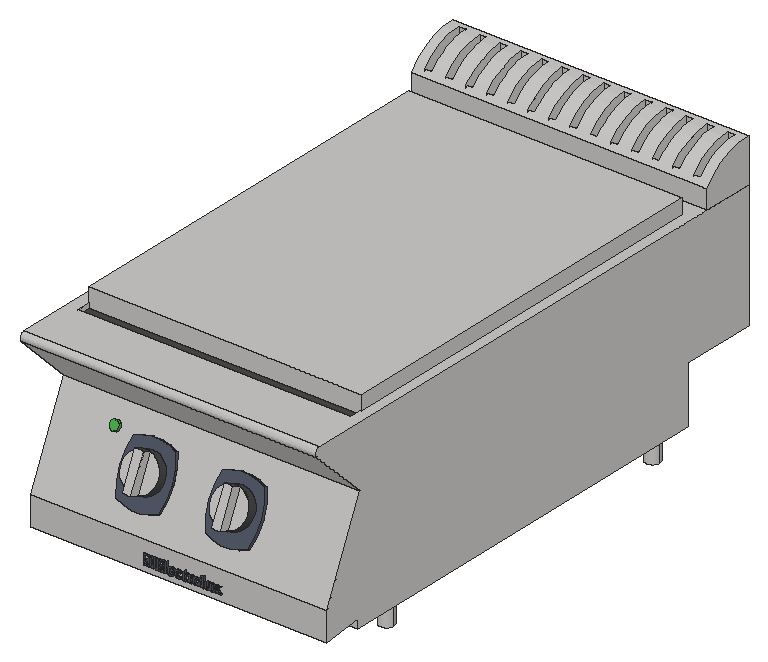
Revit family "QF_ELECTROLUXPROFESSIONAL_371027_E7HOED2000", category Specialty Equipment, Revit 2018
Family settings
  Round Connector Dimension = Use Diameter
  Part Type = Normal
  Work Plane-Based = No
  Always vertical = Yes
  Cut with Voids When Loaded = No
  Shared = No
  Room Calculation Point = No
Parameters
  Width = 400 mm  # constant formula
  Weight in Pounds = 104  # constant formula
  Watts = 5000 VA  # 5000 W
  Volts = 400 V  # constant formula
  URL Cutsheet = "www.electrolux.com/foodservice"
  URL = "www.electrolux.com/foodservice"
  Type Mark [instance] = ""
  Status [instance] = ""
  Specification by User [instance] = ""
  Specification by Manufacturer = ""
  Show Logo [instance] = yes
  Show Clearance [instance] = yes
  Serial Number = ""
  Seismic Rating = ""
  SMACNA No = ""
  Revision Code [instance] = ""
  Phase = 3  # constant formula
  Omniclass Number and Title = ""
  Number of Poles [instance] = 1
  NAFEM Spec ID Number = ""
  Model = "371027"
  Min Ckt Ampacity = 0 A
  Max Overcurrent Protection = 0 A
  Masterspec = ""
  Manufacturer = "ELECTROLUX"
  Item Number [instance] = ""
  Installed By [instance] = ""
  Identify Quantity as Lot [instance] = yes
  Height = 332 mm  # constant formula
  HP = "6.7 HP"
  Furnished By [instance] = ""
  Foodservice Equipment Identifier [instance] = yes
  FL Amps = 0 A
  Electrical Remarks [instance] = "400 V/3N ph/50/60 Hz"  # constant formula
  Electric Connection Type [instance] = ""
  Elec Conn RI Height [instance] = 0 mm
  Elec Conn Connection Height [instance] = 0 mm
  Direct Waste Size = 0"
  Description = "700XP Electrical Hob Cooking Top 400mm -  400V/3N/50-60Hz"
  Depth = 730 mm  # constant formula
  Cycle = if([60 Hertz Option], 60 Hz, 50 Hz)  # 60 Hz
  Conn Plug = ""
  Conn Conduit = yes
  CSI MasterFormat = ""
  CSI Master Format = ""
  Base Height [instance] = 24 mm  # constant formula
  Apparent Power = if(Phase = 3, Volts * FL Amps * 1.73, Volts * FL Amps)  # 0 VA
  60 Hertz Option = not([50 Hertz Option])  # yes
  50 Hertz Option = no
Reference planes
  plane 1 "BACK": y = 0
  plane 2: z = 0
  plane 3 "LEFT": x = 0
  plane 4 "RIGHT": x = 400
  plane 5 "FRONT": y = -730
  plane 6 "TOP": z = 332
  plane 7 "Center Y": x = 200
  plane 8 "Center X": y = -365
  plane 9 "BASE": z = 24
  plane 10 "TOP A": z = 273.238
  plane 11: y = -597.884
  plane 12: y = -147.637
Forms (mm)
  Extrusion 1, solid, material "QF_Finishes_Stainless Steel"
    sketch origin (0, 0, 0) x (0, 1, 0) y (0, 0, 1)
      loop
        line (0, 273.237) -> (-725.027, 273.237)
        arc (-725.027, 273.237) -> (-730.893, 269.318) -> (-729.517, 262.397) r 6.35
        line (-729.517, 262.397) -> (-657.416, 190.047) -> (-713.522, 69.19) -> (-713.522, 31.09) -> (-660.4, 36.7) -> (-660.4, 24) -> (-101.6, 24) -> (-101.6, 101.788) -> (0, 101.788) -> (0, 273.237)
    from 0 to 400
  Extrusion 2, solid, material "QF_Finishes_Stainless Steel"
    sketch origin (0, 0, 0) x (0, 1, 0) y (0, 0, 1)
      loop
        line (0, 273.237) -> (0, 332)
        arc (0, 332) -> (-38.885, 323.609) -> (-69.85, 298.638) r 86.116
        line (-69.85, 298.638) -> (-69.85, 273.237) -> (0, 273.237)
    from 0 to 400
  Extrusion 3, void
    sketch origin (0, 0, 273.238) x (-1, 0, 0) y (0, -1, 0)
      loop
        line (-15, 93.262) -> (-15, 653.262) -> (-385.019, 653.262) -> (-385.019, 93.262) -> (-15, 93.262)
    from 0 to -6.35
  Extrusion 4, void
    sketch origin (0, 0, 273.238) x (-1, 0, 0) y (0, -1, 0)
      loop
        line (-13.453, 6.761) -> (-13.453, 63.911) -> (-22.749, 63.911) -> (-22.749, 6.761) -> (-13.453, 6.761)
    from 25.4 to 63.5
  Extrusion 5, void
    sketch origin (400.05, 0, 273.237) x (1, 0, 0) y (0, 1, 0)
      loop
        line (-13.503, -6.761) -> (-22.799, -6.761) -> (-22.799, -63.911) -> (-13.503, -63.911) -> (-13.503, -6.761)
    from 25.4 to 63.5
  Extrusion 6, void
    sketch origin (27.988, 0, 273.238) x (-1, 0, 0) y (0, -1, 0)
      loop
        line (-13.453, 6.761) -> (-13.453, 63.911) -> (-22.749, 63.911) -> (-22.749, 6.761) -> (-13.453, 6.761)
    from 25.4 to 63.5
  Extrusion 7, void
    sketch origin (55.977, 0, 273.238) x (-1, 0, 0) y (0, -1, 0)
      loop
        line (-13.453, 6.761) -> (-13.453, 63.911) -> (-22.749, 63.911) -> (-22.749, 6.761) -> (-13.453, 6.761)
    from 25.4 to 63.5
  Extrusion 8, void
    sketch origin (83.965, 0, 273.238) x (-1, 0, 0) y (0, -1, 0)
      loop
        line (-13.428, 6.761) -> (-13.428, 63.911) -> (-22.724, 63.911) -> (-22.724, 6.761) -> (-13.428, 6.761)
    from 25.4 to 63.5
  Extrusion 9, void
    sketch origin (111.953, 0, 273.238) x (-1, 0, 0) y (0, -1, 0)
      loop
        line (-13.428, 6.761) -> (-13.428, 63.911) -> (-22.724, 63.911) -> (-22.724, 6.761) -> (-13.428, 6.761)
    from 25.4 to 63.5
  Extrusion 10, void
    sketch origin (139.942, 0, 273.237) x (-1, 0, 0) y (0, -1, 0)
      loop
        line (-13.428, 6.761) -> (-13.428, 63.911) -> (-22.724, 63.911) -> (-22.724, 6.761) -> (-13.428, 6.761)
    from 25.4 to 63.5
  Extrusion 11, void
    sketch origin (167.93, 0, 273.237) x (-1, 0, 0) y (0, -1, 0)
      loop
        line (-13.428, 6.761) -> (-13.428, 63.911) -> (-22.724, 63.911) -> (-22.724, 6.761) -> (-13.428, 6.761)
    from 25.4 to 63.5
  Extrusion 12, void
    sketch origin (195.918, 0, 273.237) x (-1, 0, 0) y (0, -1, 0)
      loop
        line (-13.428, 6.761) -> (-13.428, 63.911) -> (-22.724, 63.911) -> (-22.724, 6.761) -> (-13.428, 6.761)
    from 25.4 to 63.5
  Extrusion 13, void
    sketch origin (223.907, 0, 273.237) x (-1, 0, 0) y (0, -1, 0)
      loop
        line (-13.428, 6.761) -> (-13.428, 63.911) -> (-22.724, 63.911) -> (-22.724, 6.761) -> (-13.428, 6.761)
    from 25.4 to 63.5
  Extrusion 14, void
    sketch origin (251.895, 0, 273.237) x (-1, 0, 0) y (0, -1, 0)
      loop
        line (-13.428, 6.761) -> (-13.428, 63.911) -> (-22.724, 63.911) -> (-22.724, 6.761) -> (-13.428, 6.761)
    from 25.4 to 63.5
  Extrusion 15, void
    sketch origin (279.884, 0, 273.237) x (-1, 0, 0) y (0, -1, 0)
      loop
        line (-13.403, 6.761) -> (-13.403, 63.911) -> (-22.699, 63.911) -> (-22.699, 6.761) -> (-13.403, 6.761)
    from 25.4 to 63.5
  Extrusion 16, void
    sketch origin (307.872, 0, 273.237) x (-1, 0, 0) y (0, -1, 0)
      loop
        line (-13.403, 6.761) -> (-13.403, 63.911) -> (-22.699, 63.911) -> (-22.699, 6.761) -> (-13.403, 6.761)
    from 25.4 to 63.5
  Extrusion 17, void
    sketch origin (335.86, 0, 273.237) x (-1, 0, 0) y (0, -1, 0)
      loop
        line (-13.403, 6.761) -> (-13.403, 63.911) -> (-22.699, 63.911) -> (-22.699, 6.761) -> (-13.403, 6.761)
    from 25.4 to 63.5
  Extrusion 18, solid, material "QF_Finishes_Stainless Steel"
    sketch origin (0, 0, 0) x (1, 0, 0) y (0, 1, 0)
      loop
        circle (11.112, -147.638) r 9.525
      loop
        circle (11.112, -597.884) r 9.525
      loop
        circle (388.887, -147.638) r 9.525
      loop
        circle (388.887, -597.884) r 9.525
    from 0 to 24
  Extrusion 19, solid, material "QF_Finishes_Navy Blue"
    sketch origin (-25.325, -713.522, 69.19) x (0, 0.421077, 0.907025) y (-1, 0, 0)
      loop
        arc (101.077, -132.565) -> (66.2, -125.548) -> (31.333, -132.61) r 89.894
        arc (31.333, -132.61) -> (24.638, -161.14) -> (31.333, -189.671) r 64.14
        arc (31.333, -189.671) -> (66.2, -196.736) -> (101.077, -189.715) r 89.853
        arc (101.077, -189.715) -> (107.792, -161.14) -> (101.077, -132.565) r 64.16
    from 0 to 3.175
  Extrusion 20, solid, material "QF_Finishes_Stainless Steel"
    sketch origin (-25.325, -716.402, 70.527) x (0, 0.421077, 0.907025) y (-1, 0, 0)
      loop
        circle (68.826, -160.963) r 25.4
    from 0 to 12.7
  Extrusion 21, solid, material "QF_Finishes_Stainless Steel"
    sketch origin (-25.325, -727.921, 75.875) x (0, 0.421077, 0.907025) y (-1, 0, 0)
      loop
        arc (93.558, -166.749) -> (94.226, -160.963) -> (93.558, -155.177) r 25.4
        line (93.558, -155.177) -> (44.094, -155.177)
        arc (44.094, -155.177) -> (43.426, -160.963) -> (44.094, -166.749) r 25.4
        line (44.094, -166.749) -> (93.558, -166.749)
    from 0 to 12.7
  Extrusion 22, solid, material "QF_Finishes_Green"
    sketch origin (-80, -709.311, 78.261) x (0, 0.421077, 0.907025) y (-1, 0, 0)
      loop
        circle (93.566, -160.648) r 6.35
    from 0 to 3.175
  Extrusion 23, solid, material "QF_Finishes_Stainless Steel"
    sketch origin (0, -101.6, 101.788) x (0, 0, -1) y (-1, 0, 0)
      loop
        circle (43.882, -336.5) r 12.7
    from 0 to 12.7
  Extrusion 24, solid, material "QF_Finishes_Clearance", visible <- "Show Clearance", detail levels coarse
    sketch origin (0, 0, 0) x (1, 0, 0) y (0, 1, 0)
      loop
        line (0, -731.377) -> (0, 0) -> (400, 0) -> (400, -731.377) -> (550.019, -731.377) -> (550.019, 150.019) -> (-150.019, 150.019) -> (-150.019, -731.377) -> (0, -731.377)
    from 0 to 332
  Extrusion 25, solid, material "QF_Finishes_Navy Blue", visible <- "Show Logo"
    sketch origin (-134.192, -713.772, 32.49) x (0, 0, 1) y (-1, 0, 0)
      loop
        line (20.674, -296.698) -> (8.307, -296.698)
        arc (8.307, -296.698) -> (14.491, -301.27) -> (20.674, -296.698) r 6.467
      loop
        arc (20.674, -296.069) -> (19.505, -290.926) -> (14.849, -288.448) r 6.338
        line (14.849, -288.448) -> (14.849, -290.494)
        arc (14.849, -290.494) -> (16.333, -294.149) -> (19.778, -296.069) r 5.941
        line (19.778, -296.069) -> (20.674, -296.069)
      loop
        arc (9.203, -296.069) -> (12.648, -294.149) -> (14.132, -290.494) r 5.941
        line (14.132, -290.494) -> (14.132, -288.448)
        arc (14.132, -288.448) -> (9.438, -290.922) -> (8.148, -296.069) r 6.504
        line (8.148, -296.069) -> (9.203, -296.069)
      loop
        line (21.349, -287.979) -> (7.604, -287.979) -> (7.604, -301.742) -> (21.349, -301.742) -> (21.349, -287.979)
      loop
        arc (21.432, -304.71) -> (21.085, -304.352) -> (20.718, -304.69) r 0.358
        arc (20.718, -304.69) -> (20.404, -305.44) -> (19.687, -305.825) r 1.216
        line (19.687, -305.825) -> (9.274, -305.825)
        arc (9.274, -305.825) -> (8.614, -305.548) -> (8.218, -304.951) r 1.238
        arc (8.218, -304.951) -> (7.823, -304.7) -> (7.518, -305.054) r 0.358
        line (7.518, -305.054) -> (7.518, -314.933) -> (10.269, -314.933) -> (10.269, -314.036)
        arc (10.269, -314.036) -> (9.36, -313.456) -> (8.904, -312.479) r 1.928
        line (8.904, -312.479) -> (8.904, -309.98)
        arc (8.904, -309.98) -> (9.18, -309.251) -> (9.868, -308.887) r 1.101
        line (9.868, -308.887) -> (13.955, -308.887) -> (13.955, -312.561)
        arc (13.955, -312.561) -> (13.602, -313.058) -> (13.037, -313.286) r 1.083
        arc (13.037, -313.286) -> (12.773, -313.591) -> (13.065, -313.869) r 0.292
        line (13.065, -313.869) -> (16.028, -313.869)
        arc (16.028, -313.869) -> (16.33, -313.596) -> (16.092, -313.266) r 0.305
        arc (16.092, -313.266) -> (15.601, -313.018) -> (15.296, -312.561) r 1.083
        line (15.296, -312.561) -> (15.296, -308.887) -> (19.973, -308.887) -> (19.973, -312.635)
        arc (19.973, -312.635) -> (19.759, -313.39) -> (19.153, -313.888) r 1.314
        arc (19.153, -313.888) -> (18.934, -314.292) -> (19.288, -314.585) r 0.361
        line (19.288, -314.585) -> (21.432, -314.585) -> (21.432, -304.71)
      loop
        arc (20.715, -315.365) -> (20.335, -316.284) -> (19.416, -316.664) r 1.299
        line (19.416, -316.664) -> (9.837, -316.664)
        arc (9.837, -316.664) -> (8.999, -316.286) -> (8.728, -315.408) r 1.118
        line (8.728, -315.408) -> (7.518, -315.408) -> (7.518, -320.758) -> (8.706, -320.758)
        arc (8.706, -320.758) -> (8.978, -319.841) -> (9.848, -319.445) r 1.153
        line (9.848, -319.445) -> (21.92, -319.445) -> (20.715, -315.365)
      loop
        line (12.483, -323.394) -> (12.483, -329.842) -> (13.282, -329.842)
        arc (13.282, -329.842) -> (15.862, -328.857) -> (17.131, -326.404) r 3.874
        line (17.131, -326.404) -> (17.131, -324.643)
        arc (17.131, -324.643) -> (15.944, -321.778) -> (13.08, -320.592) r 4.051
        line (13.08, -320.592) -> (11.072, -320.592)
        arc (11.072, -320.592) -> (8.253, -322.077) -> (7.202, -325.084) r 4.352
        arc (7.202, -325.084) -> (7.566, -327.547) -> (8.943, -329.621) r 5.713
        line (8.943, -329.621) -> (9.892, -329.621)
        arc (9.892, -329.621) -> (9.16, -328.052) -> (8.943, -326.334) r 5.579
        arc (8.943, -326.334) -> (9.737, -324.371) -> (11.616, -323.394) r 3.057
        line (11.616, -323.394) -> (12.483, -323.394)
      loop
        line (13.742, -323.394) -> (13.742, -326.977)
        arc (13.742, -326.977) -> (15.199, -327.024) -> (16.082, -325.864) r 1.59
        line (16.082, -325.864) -> (16.082, -325.034)
        arc (16.082, -325.034) -> (15.217, -323.779) -> (13.742, -323.394) r 2.184
      loop
        arc (16.533, -339.259) -> (17.022, -337.585) -> (17.179, -335.848) r 9.023
        line (17.179, -335.848) -> (17.179, -334.486)
        arc (17.179, -334.486) -> (16.02, -331.686) -> (13.22, -330.527) r 3.959
        line (13.22, -330.527) -> (10.62, -330.527)
        arc (10.62, -330.527) -> (8.338, -331.819) -> (7.221, -334.192) r 4.331
        line (7.221, -334.192) -> (7.221, -336.327)
        arc (7.221, -336.327) -> (7.729, -337.877) -> (8.651, -339.223) r 5.772
        arc (8.651, -339.223) -> (9.412, -339.274) -> (9.499, -338.515) r 0.553
        arc (9.499, -338.515) -> (9.111, -337.781) -> (8.977, -336.962) r 2.573
        line (8.977, -336.962) -> (8.977, -335.447)
        arc (8.977, -335.447) -> (9.983, -333.806) -> (11.798, -333.163) r 2.884
        line (11.798, -333.163) -> (13.077, -333.163)
        arc (13.077, -333.163) -> (14.898, -333.723) -> (15.824, -335.388) r 2.554
        line (15.824, -335.388) -> (15.824, -336.441)
        arc (15.824, -336.441) -> (15.493, -337.369) -> (14.836, -338.104) r 2.564
        arc (14.836, -338.104) -> (14.614, -338.821) -> (15.223, -339.259) r 0.643
        line (15.223, -339.259) -> (16.533, -339.259)
      loop
        line (15.515, -339.53) -> (15.515, -341.031) -> (9.467, -341.031)
        arc (9.467, -341.031) -> (7.879, -341.688) -> (7.221, -343.276) r 2.246
        line (7.221, -343.276) -> (7.221, -344.86)
        arc (7.221, -344.86) -> (7.535, -345.725) -> (8.035, -346.496) r 4.06
        arc (8.035, -346.496) -> (8.768, -346.629) -> (9.019, -345.928) r 0.576
        arc (9.019, -345.928) -> (8.913, -345.403) -> (8.977, -344.87) r 1.69
        arc (8.977, -344.87) -> (9.519, -344.082) -> (10.425, -343.779) r 1.506
        line (10.425, -343.779) -> (15.563, -343.779) -> (15.563, -346.176) -> (16.119, -346.733) -> (16.941, -346.733) -> (16.941, -343.873) -> (20.172, -343.873) -> (15.515, -339.53)
      loop
        line (7.438, -347.63) -> (7.438, -353.017) -> (8.548, -353.017)
        arc (8.548, -353.017) -> (8.942, -352.066) -> (9.893, -351.672) r 1.345
        line (9.893, -351.672) -> (13.509, -351.672)
        arc (13.509, -351.672) -> (14.274, -352.264) -> (14.564, -353.186) r 1.615
        line (14.564, -353.186) -> (14.564, -354.742) -> (17.119, -355.427) -> (17.119, -354.044) -> (15.177, -351.485) -> (17.057, -351.485) -> (16.773, -348.779)
        arc (16.773, -348.779) -> (16.333, -348.249) -> (15.674, -348.45) r 0.621
        arc (15.674, -348.45) -> (15.274, -348.792) -> (14.78, -348.975) r 1.501
        line (14.78, -348.975) -> (9.893, -348.975)
        arc (9.893, -348.975) -> (8.942, -348.581) -> (8.548, -347.63) r 1.345
        line (8.548, -347.63) -> (7.438, -347.63)
      loop
        line (13.54, -354.964) -> (10.848, -354.964)
        arc (10.848, -354.964) -> (8.403, -356.272) -> (7.269, -358.803) r 4.288
        arc (7.269, -358.803) -> (7.205, -360.183) -> (7.269, -361.563) r 15.022
        arc (7.269, -361.563) -> (8.403, -364.094) -> (10.848, -365.401) r 4.288
        line (10.848, -365.401) -> (13.54, -365.401)
        arc (13.54, -365.401) -> (15.986, -364.094) -> (17.119, -361.563) r 4.288
        arc (17.119, -361.563) -> (17.183, -360.183) -> (17.119, -358.803) r 15.022
        arc (17.119, -358.803) -> (15.986, -356.272) -> (13.54, -354.964) r 4.288
      loop
        line (13.745, -358.078) -> (10.643, -358.078)
        arc (10.643, -358.078) -> (8.486, -360.235) -> (10.643, -362.392) r 2.157
        line (10.643, -362.392) -> (13.745, -362.392)
        arc (13.745, -362.392) -> (15.902, -360.235) -> (13.745, -358.078) r 2.157
      loop
        arc (20.726, -365.26) -> (20.355, -366.154) -> (19.461, -366.524) r 1.264
        line (19.461, -366.524) -> (9.597, -366.524)
        arc (9.597, -366.524) -> (8.727, -366.127) -> (8.455, -365.211) r 1.153
        line (8.455, -365.211) -> (7.518, -365.211) -> (7.518, -370.319) -> (8.446, -370.319)
        arc (8.446, -370.319) -> (8.805, -369.547) -> (9.597, -369.232) r 1.153
        line (9.597, -369.232) -> (21.92, -369.232) -> (20.726, -365.26)
      loop
        arc (15.846, -369.857) -> (15.647, -370.921) -> (14.678, -371.403) r 1.215
        line (14.678, -371.403) -> (9.658, -371.403)
        arc (9.658, -371.403) -> (8.043, -372.051) -> (7.322, -373.634) r 2.338
        line (7.322, -373.634) -> (7.322, -375.148)
        arc (7.322, -375.148) -> (7.497, -376.152) -> (7.999, -377.038) r 2.979
        line (7.999, -377.038) -> (7.518, -378.835) -> (7.518, -380.524) -> (16.943, -380.524) -> (16.649, -376.32) -> (15.863, -376.32)
        arc (15.863, -376.32) -> (15.507, -377.156) -> (14.755, -377.665) r 1.605
        line (14.755, -377.665) -> (9.652, -377.665)
        arc (9.652, -377.665) -> (9.232, -376.728) -> (9.159, -375.704) r 2.94
        arc (9.159, -375.704) -> (9.72, -374.603) -> (10.873, -374.16) r 1.724
        line (10.873, -374.16) -> (17.07, -374.16) -> (15.846, -369.857)
      loop
        line (16.874, -381.377) -> (15.202, -383.423) -> (12.028, -385.729) -> (8.572, -382.617)
        arc (8.572, -382.617) -> (8.335, -382.223) -> (8.357, -381.764) r 0.789
        line (8.357, -381.764) -> (7.518, -381.764) -> (7.518, -385.309) -> (8.344, -385.309)
        arc (8.344, -385.309) -> (8.686, -384.947) -> (9.176, -385.039) r 0.52
        line (9.176, -385.039) -> (10.976, -386.51) -> (8.858, -387.886)
        arc (8.858, -387.886) -> (8.457, -387.576) -> (8.37, -387.076) r 0.7
        line (8.37, -387.076) -> (7.518, -387.076) -> (7.518, -393.003) -> (8.405, -393.003)
        arc (8.405, -393.003) -> (8.472, -392.344) -> (8.866, -391.813) r 1.247
        line (8.866, -391.813) -> (13.066, -388.532) -> (15.513, -390.585) -> (16.874, -392.327) -> (16.874, -388.604) -> (15.389, -389.026) -> (13.868, -387.749) -> (15.568, -386.559) -> (16.874, -387.336) -> (16.874, -381.377)
    from 0 to 1.644
  Extrusion 26, solid, material "QF_Finishes_Navy Blue"
    sketch origin (417.825, -713.522, 69.19) x (0, 0.421077, 0.907025) y (-1, 0, 0)
      loop
        arc (101.077, 132.565) -> (107.792, 161.14) -> (101.077, 189.715) r 64.16
        arc (101.077, 189.715) -> (66.2, 196.736) -> (31.333, 189.671) r 89.853
        arc (31.333, 189.671) -> (24.638, 161.14) -> (31.333, 132.61) r 64.14
        arc (31.333, 132.61) -> (66.2, 125.548) -> (101.077, 132.565) r 89.894
    from 0 to 3.175
  Extrusion 27, solid, material "QF_Finishes_Stainless Steel"
    sketch origin (417.825, -716.402, 70.527) x (0, 0.421077, 0.907025) y (-1, 0, 0)
      loop
        circle (68.826, 160.963) r 25.4
    from 0 to 12.7
  Extrusion 28, solid, material "QF_Finishes_Stainless Steel"
    sketch origin (417.825, -727.921, 75.875) x (0, 0.421077, 0.907025) y (-1, 0, 0)
      loop
        line (93.558, 166.749) -> (44.094, 166.749)
        arc (44.094, 166.749) -> (43.426, 160.963) -> (44.094, 155.177) r 25.4
        line (44.094, 155.177) -> (93.558, 155.177)
        arc (93.558, 155.177) -> (94.226, 160.963) -> (93.558, 166.749) r 25.4
    from 0 to 12.7
  Extrusion 29, solid, material "QF_Finishes_Stainless Steel"
    sketch origin (0, 0, 266.888) x (-1, 0, 0) y (0, -1, 0)
      loop
        line (-15, 93.262) -> (-15, 635.002) -> (-385.019, 635.002) -> (-385.019, 93.262) -> (-15, 93.262)
    from 0 to 25.4
Cuts and joins
  Extrusion 3, Extrusion 4 cuts Extrusion 1
  Extrusion 4, Extrusion 5, Extrusion 6, Extrusion 7, Extrusion 8, Extrusion 9, Extrusion 10, Extrusion 11, Extrusion 12, Extrusion 13, Extrusion 14, Extrusion 15, Extrusion 16, Extrusion 17 cuts Extrusion 2
  joined: Extrusion 20, Extrusion 21
Lines and regions (mm)
  symbolic lines, style "QF-Clearances", visible <- "Show Clearance", detail levels coarse
    curve 1: line (-150.019, 150.019, 273.238) -> (-150.019, -731.377, 273.238)
    curve 2: line (550.019, 150.019, 273.237) -> (-150.019, 150.019, 273.238)
    curve 3: line (550.019, -731.377, 273.237) -> (550.019, 150.019, 273.237)
  symbolic lines
    curve 4: line (0, 0, 273.238) -> (400, 0, 273.237)
    curve 5: line (0, -730, 273.238) -> (0, 0, 273.238)
    curve 6: line (400, 0, 273.237) -> (400, -730, 273.237)
    curve 7: line (22.724, -6.761, 273.238) -> (22.724, -63.911, 273.238)
    curve 8: line (22.724, -63.911, 273.238) -> (13.428, -63.911, 273.238)
    curve 9: line (13.428, -63.911, 273.238) -> (13.428, -6.761, 273.238)
    curve 10: line (13.428, -6.761, 273.238) -> (22.724, -6.761, 273.238)
    curve 11: line (386.547, -6.761, 273.237) -> (386.547, -63.911, 273.237)
    curve 12: line (386.547, -63.911, 273.237) -> (377.251, -63.911, 273.237)
    curve 13: line (377.251, -63.911, 273.237) -> (377.251, -6.761, 273.237)
    curve 14: line (377.251, -6.761, 273.237) -> (386.547, -6.761, 273.237)
    curve 15: line (50.712, -6.761, 273.238) -> (50.712, -63.911, 273.238)
    curve 16: line (50.712, -63.911, 273.238) -> (41.416, -63.911, 273.238)
    curve 17: line (41.416, -63.911, 273.238) -> (41.416, -6.761, 273.238)
    curve 18: line (41.416, -6.761, 273.238) -> (50.712, -6.761, 273.238)
    curve 19: line (78.7, -6.761, 273.238) -> (78.7, -63.911, 273.238)
    curve 20: line (78.7, -63.911, 273.238) -> (69.405, -63.911, 273.238)
    curve 21: line (69.405, -63.911, 273.238) -> (69.405, -6.761, 273.238)
    curve 22: line (69.405, -6.761, 273.238) -> (78.7, -6.761, 273.238)
    curve 23: line (106.689, -6.761, 273.238) -> (106.689, -63.911, 273.238)
    curve 24: line (106.689, -63.911, 273.238) -> (97.393, -63.911, 273.238)
    curve 25: line (97.393, -63.911, 273.238) -> (97.393, -6.761, 273.238)
    curve 26: line (97.393, -6.761, 273.238) -> (106.689, -6.761, 273.238)
    curve 27: line (134.677, -6.761, 273.237) -> (134.677, -63.911, 273.237)
    curve 28: line (134.677, -63.911, 273.237) -> (125.381, -63.911, 273.237)
    curve 29: line (125.381, -63.911, 273.237) -> (125.381, -6.761, 273.237)
    curve 30: line (125.381, -6.761, 273.237) -> (134.677, -6.761, 273.237)
    curve 31: line (162.665, -6.761, 273.237) -> (162.665, -63.911, 273.237)
    curve 32: line (162.665, -63.911, 273.237) -> (153.37, -63.911, 273.237)
    curve 33: line (153.37, -63.911, 273.237) -> (153.37, -6.761, 273.237)
    curve 34: line (153.37, -6.761, 273.237) -> (162.665, -6.761, 273.237)
    curve 35: line (190.654, -6.761, 273.237) -> (190.654, -63.911, 273.237)
    curve 36: line (190.654, -63.911, 273.237) -> (181.358, -63.911, 273.237)
    curve 37: line (181.358, -63.911, 273.237) -> (181.358, -6.761, 273.237)
    curve 38: line (181.358, -6.761, 273.237) -> (190.654, -6.761, 273.237)
    curve 39: line (218.642, -6.761, 273.237) -> (218.642, -63.911, 273.237)
    curve 40: line (218.642, -63.911, 273.237) -> (209.346, -63.911, 273.237)
    curve 41: line (209.346, -63.911, 273.237) -> (209.346, -6.761, 273.237)
    curve 42: line (209.346, -6.761, 273.237) -> (218.642, -6.761, 273.237)
    curve 43: line (246.605, -6.761, 273.237) -> (246.605, -63.911, 273.237)
    curve 44: line (246.605, -63.911, 273.237) -> (237.31, -63.911, 273.237)
    curve 45: line (237.31, -63.911, 273.237) -> (237.31, -6.761, 273.237)
    curve 46: line (237.31, -6.761, 273.237) -> (246.605, -6.761, 273.237)
    curve 47: line (274.594, -6.761, 273.237) -> (274.594, -63.911, 273.237)
    curve 48: line (274.594, -63.911, 273.237) -> (265.298, -63.911, 273.237)
    curve 49: line (265.298, -63.911, 273.237) -> (265.298, -6.761, 273.237)
    curve 50: line (265.298, -6.761, 273.237) -> (274.594, -6.761, 273.237)
    curve 51: line (302.582, -6.761, 273.237) -> (302.582, -63.911, 273.237)
    curve 52: line (302.582, -63.911, 273.237) -> (293.286, -63.911, 273.237)
    curve 53: line (293.286, -63.911, 273.237) -> (293.286, -6.761, 273.237)
    curve 54: line (293.286, -6.761, 273.237) -> (302.582, -6.761, 273.237)
    curve 55: line (330.57, -6.761, 273.237) -> (330.57, -63.911, 273.237)
    curve 56: line (330.57, -63.911, 273.237) -> (321.275, -63.911, 273.237)
    curve 57: line (321.275, -63.911, 273.237) -> (321.275, -6.761, 273.237)
    curve 58: line (321.275, -6.761, 273.237) -> (330.57, -6.761, 273.237)
    curve 59: line (358.559, -6.761, 273.237) -> (358.559, -63.911, 273.237)
    curve 60: line (358.559, -63.911, 273.237) -> (349.263, -63.911, 273.237)
    curve 61: line (349.263, -63.911, 273.237) -> (349.263, -6.761, 273.237)
    curve 62: line (349.263, -6.761, 273.237) -> (358.559, -6.761, 273.237)
    curve 63: line (31.725, -69.85, 273.238) -> (0, -69.85, 273.238)
    curve 64: line (0, -69.85, 273.238) -> (0, -120.65, 273.238)
    curve 65: line (0, -69.85, 273.238) -> (400, -69.85, 273.237)
    curve 66: line (400, -730, 273.237) -> (0, -730, 273.238)
    curve 67: line (15, -653.262, 266.888) -> (15, -93.262, 266.888)
    curve 68: line (15, -93.262, 266.888) -> (385.019, -93.262, 266.887)
    curve 69: line (385.019, -93.262, 266.887) -> (385.019, -653.262, 266.887)
    curve 70: line (385.019, -653.262, 266.887) -> (15, -653.262, 266.888)
Dimensions and locks
  equal spacing: plane 3 "LEFT", plane 7 "Center Y", plane 4 "RIGHT"
  "Width": plane 3 "LEFT" to plane 4 "RIGHT"
  equal spacing: plane 5 "FRONT", plane 8 "Center X", plane 1 "BACK"
  "Depth": plane 5 "FRONT" to plane 1 "BACK"
  "Height": plane 6 "TOP" to level
  "Base Height": plane 9 "BASE" to level
  plane 1 "BACK" to plane 5 "FRONT" = 730 mm
  plane 10 "TOP A" to plane 9 "BASE" = 249.237 mm
  aligned and locked: level to plane 2
  aligned and locked: plane 4 "RIGHT" to Extrusion 1
  aligned and locked: plane 4 "RIGHT" to Extrusion 2
  aligned and locked: plane 9 "BASE" to Extrusion 18
  aligned and locked: plane 6 "TOP" to Extrusion 24
Automatic sketch dimensions
  Extrusion 1 sketch curve to plane 10 "TOP A" = 0 mm
  Extrusion 1 sketch curve to plane 9 "BASE" = 0 mm
  Extrusion 1 sketch curve to plane 1 "BACK" = 0 mm
  Extrusion 1 sketch curve to plane 12 = 46.038 mm
  plane 11 to Extrusion 1 sketch curve = 59.531 mm
  plane 9 "BASE" to Extrusion 1 sketch curve = 12.7 mm
  plane 11 to Extrusion 1 sketch curve = 62.516 mm
  Extrusion 1 sketch curve to plane 5 "FRONT" = 16.478 mm
  Extrusion 1 sketch curve to plane 5 "FRONT" = 4.973 mm
  Extrusion 1 sketch curve to plane 5 "FRONT" = 0.483 mm
  plane 9 "BASE" to Extrusion 1 sketch curve = 7.09 mm
  Extrusion 1 sketch curve to Extrusion 1 sketch curve = 38.1 mm
  plane 9 "BASE" to Extrusion 1 sketch curve = 77.788 mm
  Extrusion 1 sketch curve to plane 10 "TOP A" = 83.191 mm
  Extrusion 1 sketch curve to plane 10 "TOP A" = 10.84 mm
  Extrusion 2 sketch curve to plane 10 "TOP A" = 0 mm
  Extrusion 2 sketch curve to plane 1 "BACK" = 0 mm
  Extrusion 2 sketch curve to plane 6 "TOP" = 0 mm
  plane 1 "BACK" to Extrusion 2 sketch curve = 1.769 mm
  plane 10 "TOP A" to Extrusion 2 sketch curve = 25.4 mm
  plane 1 "BACK" to Extrusion 2 sketch curve = 69.85 mm
  plane 1 "BACK" to Extrusion 4 sketch curve = 6.761 mm
  plane 3 "LEFT" to Extrusion 4 sketch curve = 22.749 mm
  Extrusion 4 sketch curve to Extrusion 4 sketch curve = 9.296 mm
  Extrusion 4 sketch curve to Extrusion 4 sketch curve = 57.15 mm
  Extrusion 5 sketch curve to plane 1 "BACK" = 6.761 mm
  plane 4 "RIGHT" to Extrusion 5 sketch curve = 22.749 mm
  Extrusion 5 sketch curve to Extrusion 5 sketch curve = 9.296 mm
  Extrusion 5 sketch curve to Extrusion 5 sketch curve = 57.15 mm
  plane 1 "BACK" to Extrusion 6 sketch curve = 6.761 mm
  plane 3 "LEFT" to Extrusion 6 sketch curve = 50.737 mm
  Extrusion 6 sketch curve to Extrusion 6 sketch curve = 9.296 mm
  Extrusion 6 sketch curve to Extrusion 6 sketch curve = 57.15 mm
  plane 1 "BACK" to Extrusion 7 sketch curve = 6.761 mm
  plane 3 "LEFT" to Extrusion 7 sketch curve = 78.725 mm
  Extrusion 7 sketch curve to Extrusion 7 sketch curve = 9.296 mm
  Extrusion 7 sketch curve to Extrusion 7 sketch curve = 57.15 mm
  plane 1 "BACK" to Extrusion 8 sketch curve = 6.761 mm
  Extrusion 8 sketch curve to plane 7 "Center Y" = 93.311 mm
  Extrusion 8 sketch curve to Extrusion 8 sketch curve = 9.296 mm
  Extrusion 8 sketch curve to Extrusion 8 sketch curve = 57.15 mm
  plane 1 "BACK" to Extrusion 9 sketch curve = 6.761 mm
  Extrusion 9 sketch curve to plane 7 "Center Y" = 65.323 mm
  Extrusion 9 sketch curve to Extrusion 9 sketch curve = 9.296 mm
  Extrusion 9 sketch curve to Extrusion 9 sketch curve = 57.15 mm
  plane 1 "BACK" to Extrusion 10 sketch curve = 6.761 mm
  Extrusion 10 sketch curve to plane 7 "Center Y" = 37.335 mm
  Extrusion 10 sketch curve to Extrusion 10 sketch curve = 9.296 mm
  Extrusion 10 sketch curve to Extrusion 10 sketch curve = 57.15 mm
  Extrusion 11 sketch curve to plane 7 "Center Y" = 9.346 mm
  Extrusion 11 sketch curve to Extrusion 11 sketch curve = 9.296 mm
  plane 1 "BACK" to Extrusion 11 sketch curve = 6.761 mm
  Extrusion 11 sketch curve to Extrusion 11 sketch curve = 57.15 mm
  plane 1 "BACK" to Extrusion 12 sketch curve = 6.761 mm
  plane 7 "Center Y" to Extrusion 12 sketch curve = 18.642 mm
  Extrusion 12 sketch curve to Extrusion 12 sketch curve = 9.296 mm
  Extrusion 12 sketch curve to Extrusion 12 sketch curve = 57.15 mm
  plane 1 "BACK" to Extrusion 13 sketch curve = 6.761 mm
  plane 7 "Center Y" to Extrusion 13 sketch curve = 46.63 mm
  Extrusion 13 sketch curve to Extrusion 13 sketch curve = 9.296 mm
  Extrusion 13 sketch curve to Extrusion 13 sketch curve = 57.15 mm
  plane 1 "BACK" to Extrusion 14 sketch curve = 6.761 mm
  plane 7 "Center Y" to Extrusion 14 sketch curve = 74.619 mm
  Extrusion 14 sketch curve to Extrusion 14 sketch curve = 9.296 mm
  Extrusion 14 sketch curve to Extrusion 14 sketch curve = 57.15 mm
  plane 1 "BACK" to Extrusion 15 sketch curve = 6.761 mm
  Extrusion 15 sketch curve to plane 4 "RIGHT" = 97.418 mm
  Extrusion 15 sketch curve to Extrusion 15 sketch curve = 9.296 mm
  Extrusion 15 sketch curve to Extrusion 15 sketch curve = 57.15 mm
  plane 1 "BACK" to Extrusion 16 sketch curve = 6.761 mm
  Extrusion 16 sketch curve to plane 4 "RIGHT" = 69.43 mm
  Extrusion 16 sketch curve to Extrusion 16 sketch curve = 9.296 mm
  Extrusion 16 sketch curve to Extrusion 16 sketch curve = 57.15 mm
  plane 1 "BACK" to Extrusion 17 sketch curve = 6.761 mm
  Extrusion 17 sketch curve to plane 4 "RIGHT" = 41.441 mm
  Extrusion 17 sketch curve to Extrusion 17 sketch curve = 9.296 mm
  Extrusion 17 sketch curve to Extrusion 17 sketch curve = 57.15 mm
  plane 11 to Extrusion 18 sketch curve = 0 mm  (x2)
  plane 12 to Extrusion 18 sketch curve = 0 mm  (x2)
  plane 3 "LEFT" to Extrusion 18 sketch curve = 11.112 mm  (x2)
  Extrusion 18 sketch curve to plane 4 "RIGHT" = 11.113 mm  (x2)
  Extrusion 19 sketch curve to Extrusion 1 = 31.333 mm  (x2)
  Extrusion 19 sketch curve to Extrusion 19 sketch curve = 12.3 mm  (x3)
  Extrusion 19 sketch curve to Extrusion 19 sketch curve = 34.925 mm  (x2)
  Extrusion 1 to Extrusion 19 sketch curve = 44.467 mm
  Extrusion 1 to Extrusion 19 sketch curve = 190.117 mm
  Extrusion 19 sketch curve to Extrusion 19 sketch curve = 25.727 mm
  Extrusion 19 sketch curve to Extrusion 19 sketch curve = 25.771 mm
  Extrusion 19 sketch curve to Extrusion 19 sketch curve = 28.531 mm
  Extrusion 21 sketch curve to Extrusion 21 sketch curve = 24.732 mm
  Extrusion 21 sketch curve to Extrusion 21 sketch curve = 0 mm
  Extrusion 1 to Extrusion 22 sketch curve = 29.678 mm
  Extrusion 1 to Extrusion 22 sketch curve = 80.648 mm
  Extrusion 1 to Extrusion 23 sketch curve = 33.906 mm
  Extrusion 1 to Extrusion 23 sketch curve = 63.5 mm
  plane 1 "BACK" to Extrusion 24 sketch curve = 0 mm
  Extrusion 24 sketch curve to plane 3 "LEFT" = 0 mm
  Extrusion 24 sketch curve to plane 4 "RIGHT" = 0 mm
  Extrusion 24 sketch curve to plane 3 "LEFT" = 150.019 mm
  plane 5 "FRONT" to Extrusion 24 sketch curve = 1.377 mm  (x2)
  plane 4 "RIGHT" to Extrusion 24 sketch curve = 150.019 mm
  Extrusion 24 sketch curve to plane 1 "BACK" = 150.019 mm
  curve 65 to plane 4 "RIGHT" = 0 mm
  curve 5 to plane 3 "LEFT" = 0 mm
  curve 63 to plane 3 "LEFT" = 0 mm
  plane 1 "BACK" to curve 5 = 0 mm
  plane 5 "FRONT" to curve 6 = 0 mm
  plane 4 "RIGHT" to curve 3 = 150.019 mm
  curve 12 to plane 4 "RIGHT" = 13.453 mm
  curve 11 to curve 14 = 9.296 mm
  curve 12 to curve 59 = 18.693 mm
  curve 59 to curve 62 = 9.296 mm
  curve 60 to curve 55 = 18.693 mm
  curve 55 to curve 56 = 9.296 mm
  plane 1 "BACK" to curve 51 = 6.761 mm
  curve 57 to curve 51 = 18.693 mm
  curve 51 to curve 52 = 9.296 mm
  curve 52 to curve 47 = 18.693 mm
  curve 47 to curve 48 = 9.296 mm
  plane 1 "BACK" to curve 43 = 6.761 mm
  curve 49 to curve 43 = 18.693 mm
  curve 43 to curve 44 = 9.296 mm
  plane 7 "Center Y" to curve 39 = 18.642 mm
  curve 39 to curve 40 = 9.296 mm
  curve 36 to plane 7 "Center Y" = 9.346 mm
  curve 35 to curve 38 = 9.296 mm
  curve 36 to curve 32 = 18.693 mm
  curve 31 to curve 32 = 9.296 mm
  plane 1 "BACK" to curve 30 = 6.761 mm
  curve 33 to curve 30 = 18.693 mm
  curve 27 to curve 28 = 9.296 mm
  plane 1 "BACK" to curve 23 = 6.761 mm
  curve 29 to curve 23 = 18.693 mm
  curve 23 to curve 24 = 9.296 mm
  curve 24 to curve 20 = 18.693 mm
  curve 19 to curve 20 = 9.296 mm
  curve 20 to curve 15 = 18.693 mm
  curve 15 to curve 16 = 9.296 mm
  curve 16 to curve 63 = 9.691 mm
  plane 1 "BACK" to curve 10 = 6.761 mm
  curve 17 to curve 10 = 18.693 mm
  curve 7 to curve 9 = 9.296 mm
  plane 5 "FRONT" to curve 1 = 1.377 mm
  curve 1 to plane 3 "LEFT" = 150.019 mm
  curve 2 to plane 1 "BACK" = 150.019 mm
  plane 1 "BACK" to curve 61 = 6.761 mm
  plane 1 "BACK" to curve 58 = 6.761 mm
  plane 1 "BACK" to curve 11 = 6.761 mm
  plane 1 "BACK" to curve 15 = 6.761 mm
  plane 1 "BACK" to curve 50 = 6.761 mm
  plane 1 "BACK" to curve 19 = 6.761 mm
  plane 1 "BACK" to curve 42 = 6.761 mm
  plane 1 "BACK" to curve 38 = 6.761 mm
  plane 1 "BACK" to curve 31 = 6.761 mm
  curve 33 to curve 33 = 57.15 mm
  curve 29 to curve 32 = 0 mm
  curve 31 to curve 35 = 0 mm
  curve 25 to curve 28 = 0 mm
  curve 35 to curve 39 = 0 mm
  curve 21 to curve 24 = 0 mm
  curve 39 to curve 43 = 0 mm
  curve 17 to curve 20 = 0 mm
  curve 43 to curve 47 = 0 mm
  curve 13 to curve 13 = 57.15 mm
  curve 47 to curve 51 = 0 mm
  curve 9 to curve 16 = 0 mm
  curve 51 to curve 55 = 0 mm
  curve 55 to curve 61 = 0 mm
  curve 8 to curve 64 = 5.939 mm
  curve 11 to curve 65 = 5.939 mm
  curve 64 to plane 12 = 26.988 mm
  plane 5 "FRONT" to curve 3 = 1.377 mm
  Extrusion 25 sketch curve to plane 7 "Center Y" = 0 mm
  plane 9 "BASE" to Extrusion 25 sketch curve = 10.651 mm
  plane 9 "BASE" to Extrusion 25 sketch curve = 15.692 mm
  plane 9 "BASE" to Extrusion 25 sketch curve = 15.711 mm
  Extrusion 25 sketch curve to Extrusion 25 sketch curve = 0 mm  (x28)
  Extrusion 25 sketch curve to Extrusion 25 sketch curve = 5.108 mm  (x2)
  Extrusion 25 sketch curve to Extrusion 25 sketch curve = 0.054 mm
  Extrusion 25 sketch curve to Extrusion 25 sketch curve = 0.218 mm
  Extrusion 25 sketch curve to Extrusion 25 sketch curve = 0.195 mm
  Extrusion 25 sketch curve to Extrusion 25 sketch curve = 0.249 mm
  plane 9 "BASE" to Extrusion 25 sketch curve = 16.008 mm
  Extrusion 25 sketch curve to Extrusion 25 sketch curve = 0.087 mm
  Extrusion 25 sketch curve to Extrusion 25 sketch curve = 0.358 mm
  Extrusion 25 sketch curve to Extrusion 25 sketch curve = 0.481 mm
  Extrusion 25 sketch curve to Extrusion 25 sketch curve = 0.597 mm
  Extrusion 25 sketch curve to Extrusion 25 sketch curve = 0.544 mm
  Extrusion 25 sketch curve to Extrusion 25 sketch curve = 0.936 mm
  Extrusion 25 sketch curve to Extrusion 25 sketch curve = 0.594 mm
  Extrusion 25 sketch curve to Extrusion 25 sketch curve = 0.343 mm
  Extrusion 25 sketch curve to Extrusion 25 sketch curve = 0.159 mm
  Extrusion 25 sketch curve to Extrusion 25 sketch curve = 0.826 mm
  Extrusion 25 sketch curve to Extrusion 25 sketch curve = 0.839 mm
  Extrusion 25 sketch curve to Extrusion 25 sketch curve = 0.852 mm
  Extrusion 25 sketch curve to Extrusion 25 sketch curve = 0.887 mm
  Extrusion 25 sketch curve to Extrusion 25 sketch curve = 0.928 mm
  Extrusion 25 sketch curve to Extrusion 25 sketch curve = 0.938 mm
  Extrusion 25 sketch curve to Extrusion 25 sketch curve = 0.444 mm
  Extrusion 25 sketch curve to Extrusion 25 sketch curve = 1.11 mm  (x3)
  Extrusion 25 sketch curve to Extrusion 25 sketch curve = 0.215 mm
  Extrusion 25 sketch curve to Extrusion 25 sketch curve = 1.43 mm
  Extrusion 25 sketch curve to Extrusion 25 sketch curve = 1.188 mm
  Extrusion 25 sketch curve to Extrusion 25 sketch curve = 1.21 mm  (x2)
  Extrusion 25 sketch curve to Extrusion 25 sketch curve = 0.503 mm
  Extrusion 25 sketch curve to Extrusion 25 sketch curve = 0.488 mm
  Extrusion 25 sketch curve to Extrusion 25 sketch curve = 0.462 mm
  Extrusion 25 sketch curve to Extrusion 25 sketch curve = 1.386 mm
  Extrusion 25 sketch curve to Extrusion 25 sketch curve = 1.742 mm  (x2)
  Extrusion 25 sketch curve to Extrusion 25 sketch curve = 0.821 mm
  Extrusion 25 sketch curve to Extrusion 25 sketch curve = 0.497 mm
  Extrusion 25 sketch curve to Extrusion 25 sketch curve = 0.539 mm
  Extrusion 25 sketch curve to Extrusion 25 sketch curve = 0.686 mm
  Extrusion 25 sketch curve to Extrusion 25 sketch curve = 0.408 mm
  Extrusion 25 sketch curve to Extrusion 25 sketch curve = 0.528 mm
  Extrusion 25 sketch curve to Extrusion 25 sketch curve = 1.16 mm
  Extrusion 25 sketch curve to Extrusion 25 sketch curve = 0.329 mm
  Extrusion 25 sketch curve to Extrusion 25 sketch curve = 1.054 mm
  Extrusion 25 sketch curve to Extrusion 25 sketch curve = 1.056 mm
  Extrusion 25 sketch curve to Extrusion 25 sketch curve = 0.129 mm
  Extrusion 25 sketch curve to Extrusion 25 sketch curve = 0.489 mm
  Extrusion 25 sketch curve to Extrusion 25 sketch curve = 0.441 mm
  Extrusion 25 sketch curve to Extrusion 25 sketch curve = 1.151 mm
  Extrusion 25 sketch curve to Extrusion 25 sketch curve = 1.141 mm  (x2)
  Extrusion 25 sketch curve to Extrusion 25 sketch curve = 0.768 mm
  Extrusion 25 sketch curve to Extrusion 25 sketch curve = 1.653 mm
  Extrusion 25 sketch curve to Extrusion 25 sketch curve = 0.499 mm
  Extrusion 25 sketch curve to Extrusion 25 sketch curve = 0.964 mm
  Extrusion 25 sketch curve to Extrusion 25 sketch curve = 0.949 mm
  Extrusion 25 sketch curve to Extrusion 25 sketch curve = 1.345 mm  (x2)
  Extrusion 25 sketch curve to Extrusion 25 sketch curve = 1.101 mm
  Extrusion 25 sketch curve to Extrusion 25 sketch curve = 0.432 mm
  Extrusion 25 sketch curve to Extrusion 25 sketch curve = 1.142 mm
  Extrusion 25 sketch curve to Extrusion 25 sketch curve = 0.959 mm
  Extrusion 25 sketch curve to Extrusion 25 sketch curve = 0.176 mm
  Extrusion 25 sketch curve to Extrusion 25 sketch curve = 0.728 mm
  Extrusion 25 sketch curve to Extrusion 25 sketch curve = 3.375 mm  (x2)
  Extrusion 25 sketch curve to Extrusion 25 sketch curve = 0.541 mm
  Extrusion 25 sketch curve to Extrusion 25 sketch curve = 0.955 mm
  Extrusion 25 sketch curve to Extrusion 25 sketch curve = 1.251 mm
  Extrusion 25 sketch curve to Extrusion 25 sketch curve = 0.572 mm
  Extrusion 25 sketch curve to Extrusion 25 sketch curve = 1.92 mm
  Extrusion 25 sketch curve to Extrusion 25 sketch curve = 1.224 mm
  Extrusion 25 sketch curve to Extrusion 25 sketch curve = 0.745 mm
  plane 7 "Center Y" to Extrusion 25 sketch curve = 0.572 mm
  Extrusion 25 sketch curve to Extrusion 25 sketch curve = 2.537 mm
  Extrusion 25 sketch curve to Extrusion 25 sketch curve = 0.896 mm  (x3)
  Extrusion 25 sketch curve to Extrusion 25 sketch curve = 0.036 mm
  Extrusion 25 sketch curve to Extrusion 25 sketch curve = 2.607 mm
  Extrusion 25 sketch curve to Extrusion 25 sketch curve = 0.066 mm
  Extrusion 25 sketch curve to Extrusion 25 sketch curve = 0.248 mm
  Extrusion 25 sketch curve to Extrusion 25 sketch curve = 0.449 mm
  Extrusion 25 sketch curve to Extrusion 25 sketch curve = 1.052 mm
  Extrusion 25 sketch curve to Extrusion 25 sketch curve = 1.863 mm
  Extrusion 25 sketch curve to Extrusion 25 sketch curve = 1.31 mm  (x2)
  Extrusion 25 sketch curve to Extrusion 25 sketch curve = 0.901 mm
  Extrusion 25 sketch curve to Extrusion 25 sketch curve = 1.107 mm
  Extrusion 25 sketch curve to Extrusion 25 sketch curve = 2.122 mm
  Extrusion 25 sketch curve to Extrusion 25 sketch curve = 2.101 mm
  Extrusion 25 sketch curve to Extrusion 25 sketch curve = 0.106 mm
  Extrusion 25 sketch curve to Extrusion 25 sketch curve = 0.029 mm
  Extrusion 25 sketch curve to Extrusion 25 sketch curve = 2.09 mm
  Extrusion 25 sketch curve to Extrusion 25 sketch curve = 1.279 mm
  Extrusion 25 sketch curve to Extrusion 25 sketch curve = 2.008 mm
  Extrusion 25 sketch curve to Extrusion 25 sketch curve = 0.738 mm
  Extrusion 25 sketch curve to Extrusion 25 sketch curve = 0.382 mm
  Extrusion 25 sketch curve to Extrusion 25 sketch curve = 0.384 mm
  Extrusion 25 sketch curve to Extrusion 25 sketch curve = 0.002 mm
  Extrusion 25 sketch curve to Extrusion 25 sketch curve = 0.561 mm
  Extrusion 25 sketch curve to Extrusion 25 sketch curve = 0.592 mm
  Extrusion 25 sketch curve to Extrusion 25 sketch curve = 2.692 mm
  Extrusion 25 sketch curve to Extrusion 25 sketch curve = 1.259 mm
  Extrusion 25 sketch curve to Extrusion 25 sketch curve = 0.802 mm
  Extrusion 25 sketch curve to Extrusion 25 sketch curve = 1.024 mm  (x2)
  Extrusion 25 sketch curve to Extrusion 25 sketch curve = 0.682 mm
  Extrusion 25 sketch curve to Extrusion 25 sketch curve = 5.934 mm
  Extrusion 25 sketch curve to Extrusion 25 sketch curve = 2.186 mm
  Extrusion 25 sketch curve to Extrusion 25 sketch curve = 0.337 mm
  Extrusion 25 sketch curve to Extrusion 25 sketch curve = 0.021 mm
  Extrusion 25 sketch curve to Extrusion 25 sketch curve = 1.005 mm
  Extrusion 25 sketch curve to Extrusion 25 sketch curve = 0.552 mm
  Extrusion 25 sketch curve to Extrusion 25 sketch curve = 0.778 mm
  Extrusion 25 sketch curve to Extrusion 25 sketch curve = 0.063 mm
  Extrusion 25 sketch curve to Extrusion 25 sketch curve = 1.023 mm
  Extrusion 25 sketch curve to Extrusion 25 sketch curve = 3.804 mm
  Extrusion 25 sketch curve to Extrusion 25 sketch curve = 0.486 mm
  Extrusion 25 sketch curve to Extrusion 25 sketch curve = 0.266 mm  (x2)
  Extrusion 25 sketch curve to Extrusion 25 sketch curve = 1.547 mm
  Extrusion 25 sketch curve to Extrusion 25 sketch curve = 0.717 mm  (x2)
  Extrusion 25 sketch curve to Extrusion 25 sketch curve = 1.667 mm
  Extrusion 25 sketch curve to Extrusion 25 sketch curve = 3.174 mm
  Extrusion 25 sketch curve to Extrusion 25 sketch curve = 0.388 mm
  Extrusion 25 sketch curve to Extrusion 25 sketch curve = 1.342 mm
  Extrusion 25 sketch curve to Extrusion 25 sketch curve = 1.521 mm
  Extrusion 25 sketch curve to Extrusion 25 sketch curve = 0.124 mm
  Extrusion 25 sketch curve to Extrusion 25 sketch curve = 0.291 mm
  plane 7 "Center Y" to Extrusion 25 sketch curve = 11.984 mm
  Extrusion 25 sketch curve to Extrusion 25 sketch curve = 1.049 mm  (x2)
  Extrusion 25 sketch curve to Extrusion 25 sketch curve = 1.7 mm
  Extrusion 25 sketch curve to Extrusion 25 sketch curve = 0.894 mm
  Extrusion 25 sketch curve to Extrusion 25 sketch curve = 0.989 mm
  Extrusion 25 sketch curve to Extrusion 25 sketch curve = 1.168 mm
  Extrusion 25 sketch curve to Extrusion 25 sketch curve = 1.594 mm
  Extrusion 25 sketch curve to Extrusion 25 sketch curve = 0.731 mm
  Extrusion 25 sketch curve to Extrusion 25 sketch curve = 1.566 mm
  Extrusion 25 sketch curve to Extrusion 25 sketch curve = 0.064 mm
  Extrusion 25 sketch curve to Extrusion 25 sketch curve = 0.556 mm  (x3)
  Extrusion 25 sketch curve to Extrusion 25 sketch curve = 0.48 mm
  Extrusion 25 sketch curve to Extrusion 25 sketch curve = 1.018 mm
  Extrusion 25 sketch curve to Extrusion 25 sketch curve = 0.787 mm
  Extrusion 25 sketch curve to Extrusion 25 sketch curve = 0.618 mm
  Extrusion 25 sketch curve to Extrusion 25 sketch curve = 1.672 mm
  Extrusion 25 sketch curve to Extrusion 25 sketch curve = 1.361 mm
  Extrusion 25 sketch curve to Extrusion 25 sketch curve = 0.822 mm
  Extrusion 25 sketch curve to Extrusion 25 sketch curve = 0.069 mm
  Extrusion 25 sketch curve to Extrusion 25 sketch curve = 1.88 mm
  Extrusion 25 sketch curve to Extrusion 25 sketch curve = 0.42 mm
  Extrusion 25 sketch curve to Extrusion 25 sketch curve = 0.062 mm
  Extrusion 25 sketch curve to Extrusion 25 sketch curve = 1.355 mm
  Extrusion 25 sketch curve to Extrusion 25 sketch curve = 2.34 mm
  Extrusion 25 sketch curve to Extrusion 25 sketch curve = 0.493 mm
  Extrusion 25 sketch curve to Extrusion 25 sketch curve = 0.136 mm
  Extrusion 25 sketch curve to Extrusion 25 sketch curve = 0.128 mm
  Extrusion 25 sketch curve to Extrusion 25 sketch curve = 3.616 mm
  Extrusion 25 sketch curve to Extrusion 25 sketch curve = 4.207 mm
  Extrusion 25 sketch curve to Extrusion 25 sketch curve = 0.183 mm
  Extrusion 25 sketch curve to Extrusion 25 sketch curve = 0.895 mm
  Extrusion 25 sketch curve to Extrusion 25 sketch curve = 1.314 mm
  Extrusion 25 sketch curve to Extrusion 25 sketch curve = 3.231 mm
  Extrusion 25 sketch curve to Extrusion 25 sketch curve = 1.299 mm
  Extrusion 25 sketch curve to Extrusion 25 sketch curve = 1.214 mm
  Extrusion 25 sketch curve to Extrusion 25 sketch curve = 1.264 mm
  Extrusion 25 sketch curve to Extrusion 25 sketch curve = 0.109 mm
  Extrusion 25 sketch curve to Extrusion 25 sketch curve = 0.357 mm
  Extrusion 25 sketch curve to Extrusion 25 sketch curve = 0.565 mm
  Extrusion 25 sketch curve to Extrusion 25 sketch curve = 2.504 mm
  Extrusion 25 sketch curve to Extrusion 25 sketch curve = 2.459 mm
  Extrusion 25 sketch curve to Extrusion 25 sketch curve = 0.32 mm
  Extrusion 25 sketch curve to Extrusion 25 sketch curve = 1.322 mm
  Extrusion 25 sketch curve to Extrusion 25 sketch curve = 1.134 mm
  Extrusion 25 sketch curve to Extrusion 25 sketch curve = 2.51 mm
  Extrusion 25 sketch curve to Extrusion 25 sketch curve = 0.187 mm
  Extrusion 25 sketch curve to Extrusion 25 sketch curve = 2.559 mm
  Extrusion 25 sketch curve to Extrusion 25 sketch curve = 1.556 mm
  Extrusion 25 sketch curve to Extrusion 25 sketch curve = 0.222 mm
  Extrusion 25 sketch curve to Extrusion 25 sketch curve = 1.383 mm
  Extrusion 25 sketch curve to Extrusion 25 sketch curve = 3.114 mm
  Extrusion 25 sketch curve to Extrusion 25 sketch curve = 3.376 mm
  Extrusion 25 sketch curve to Extrusion 25 sketch curve = 0.934 mm
  Extrusion 25 sketch curve to Extrusion 25 sketch curve = 0.191 mm
  Extrusion 25 sketch curve to Extrusion 25 sketch curve = 3.696 mm
  Extrusion 25 sketch curve to Extrusion 25 sketch curve = 2.708 mm
  Extrusion 25 sketch curve to Extrusion 25 sketch curve = 3.333 mm
  Extrusion 25 sketch curve to Extrusion 25 sketch curve = 0.332 mm
  Extrusion 25 sketch curve to Extrusion 25 sketch curve = 1.087 mm
  Extrusion 25 sketch curve to Extrusion 25 sketch curve = 2.23 mm
  Extrusion 25 sketch curve to Extrusion 25 sketch curve = 2.757 mm
  Extrusion 25 sketch curve to Extrusion 25 sketch curve = 0.987 mm
  Extrusion 25 sketch curve to Extrusion 25 sketch curve = 1.529 mm
  Extrusion 25 sketch curve to Extrusion 25 sketch curve = 1.796 mm
  Extrusion 25 sketch curve to Extrusion 25 sketch curve = 2.859 mm
  Extrusion 25 sketch curve to Extrusion 25 sketch curve = 0.853 mm
  Extrusion 25 sketch curve to Extrusion 25 sketch curve = 1.241 mm
  Extrusion 25 sketch curve to Extrusion 25 sketch curve = 2.046 mm  (x2)
  Extrusion 25 sketch curve to Extrusion 25 sketch curve = 2.422 mm
  Extrusion 25 sketch curve to Extrusion 25 sketch curve = 0.27 mm  (x2)
  Extrusion 25 sketch curve to Extrusion 25 sketch curve = 0.69 mm
  Extrusion 25 sketch curve to Extrusion 25 sketch curve = 0.781 mm  (x2)
  Extrusion 25 sketch curve to Extrusion 25 sketch curve = 3.136 mm
  Extrusion 25 sketch curve to Extrusion 25 sketch curve = 1.767 mm
  Extrusion 25 sketch curve to Extrusion 25 sketch curve = 0.138 mm
  Extrusion 25 sketch curve to Extrusion 25 sketch curve = 0.777 mm
  Extrusion 25 sketch curve to Extrusion 25 sketch curve = 1.19 mm
  Extrusion 25 sketch curve to Extrusion 25 sketch curve = 0.782 mm
  Extrusion 25 sketch curve to Extrusion 25 sketch curve = 1.268 mm
  Extrusion 25 sketch curve to Extrusion 25 sketch curve = 0.422 mm  (x2)
  Extrusion 25 sketch curve to Extrusion 25 sketch curve = 1.559 mm
  Extrusion 25 sketch curve to Extrusion 25 sketch curve = 3.927 mm
  Extrusion 25 sketch curve to Extrusion 25 sketch curve = 0.983 mm
  Extrusion 25 sketch curve to Extrusion 25 sketch curve = 0.366 mm
  Extrusion 25 sketch curve to Extrusion 25 sketch curve = 0.094 mm
  Extrusion 25 sketch curve to Extrusion 25 sketch curve = 1.584 mm
  Extrusion 25 sketch curve to Extrusion 25 sketch curve = 1.501 mm
  Extrusion 25 sketch curve to Extrusion 25 sketch curve = 1.808 mm
  Extrusion 25 sketch curve to Extrusion 25 sketch curve = 0.643 mm
  Extrusion 25 sketch curve to Extrusion 25 sketch curve = 0.916 mm
  Extrusion 25 sketch curve to Extrusion 25 sketch curve = 0.352 mm
  Extrusion 25 sketch curve to Extrusion 25 sketch curve = 0.458 mm
  Extrusion 25 sketch curve to Extrusion 25 sketch curve = 0.685 mm
  Extrusion 25 sketch curve to Extrusion 25 sketch curve = 0.905 mm
  Extrusion 25 sketch curve to Extrusion 25 sketch curve = 2.865 mm
  Extrusion 25 sketch curve to Extrusion 25 sketch curve = 0.472 mm
  Extrusion 25 sketch curve to Extrusion 25 sketch curve = 0.101 mm
  Extrusion 25 sketch curve to Extrusion 25 sketch curve = 0.54 mm
  Extrusion 25 sketch curve to Extrusion 25 sketch curve = 0.02 mm
  Extrusion 25 sketch curve to Extrusion 25 sketch curve = 0.468 mm
  Extrusion 25 sketch curve to Extrusion 25 sketch curve = 0.829 mm
  Extrusion 25 sketch curve to Extrusion 25 sketch curve = 0.582 mm
  Extrusion 25 sketch curve to Extrusion 25 sketch curve = 0.166 mm
  Extrusion 25 sketch curve to Extrusion 25 sketch curve = 0.16 mm
  Extrusion 25 sketch curve to Extrusion 25 sketch curve = 2.781 mm
  Extrusion 25 sketch curve to Extrusion 25 sketch curve = 1.118 mm
  Extrusion 25 sketch curve to Extrusion 25 sketch curve = 0.613 mm
  Extrusion 25 sketch curve to Extrusion 25 sketch curve = 0.361 mm
  Extrusion 25 sketch curve to Extrusion 25 sketch curve = 0.897 mm
  Extrusion 25 sketch curve to Extrusion 25 sketch curve = 0.167 mm
  Extrusion 25 sketch curve to Extrusion 25 sketch curve = 0.292 mm
  Extrusion 25 sketch curve to Extrusion 25 sketch curve = 0.305 mm
  Extrusion 25 sketch curve to Extrusion 25 sketch curve = 1.557 mm
  Extrusion 25 sketch curve to Extrusion 25 sketch curve = 2.499 mm
  Extrusion 25 sketch curve to Extrusion 25 sketch curve = 3.062 mm
  Extrusion 25 sketch curve to Extrusion 25 sketch curve = 2.968 mm
  Extrusion 25 sketch curve to Extrusion 25 sketch curve = 5.044 mm
  Extrusion 25 sketch curve to Extrusion 25 sketch curve = 0.629 mm  (x2)
  Extrusion 25 sketch curve to Extrusion 25 sketch curve = 1.131 mm
  Extrusion 25 sketch curve to Extrusion 25 sketch curve = 0.137 mm
  Extrusion 25 sketch curve to Extrusion 25 sketch curve = 0.027 mm
  Extrusion 25 sketch curve to Extrusion 25 sketch curve = 2.235 mm
  Extrusion 26 sketch curve to Extrusion 1 = 31.333 mm  (x2)
  Extrusion 26 sketch curve to Extrusion 26 sketch curve = 12.3 mm  (x3)
  Extrusion 26 sketch curve to Extrusion 26 sketch curve = 34.925 mm  (x2)
  Extrusion 1 to Extrusion 26 sketch curve = 44.467 mm
  Extrusion 1 to Extrusion 26 sketch curve = 89.058 mm
  Extrusion 26 sketch curve to Extrusion 26 sketch curve = 25.683 mm
  Extrusion 26 sketch curve to Extrusion 26 sketch curve = 25.727 mm
  Extrusion 26 sketch curve to Extrusion 26 sketch curve = 28.575 mm
  Extrusion 28 sketch curve to Extrusion 28 sketch curve = 24.732 mm
  Extrusion 28 sketch curve to Extrusion 28 sketch curve = 0 mm
  curve 68 to Extrusion 3 = 0 mm  (x3)
  curve 67 to Extrusion 3 = 0 mm
  Extrusion 29 sketch curve to Extrusion 3 = 0 mm  (x3)
  Extrusion 29 sketch curve to Extrusion 3 = 18.26 mm
  Extrusion 3 sketch curve to plane 4 "RIGHT" = 14.981 mm
  plane 3 "LEFT" to Extrusion 3 sketch curve = 15 mm
  Extrusion 3 sketch curve to plane 12 = 54.376 mm
  plane 11 to Extrusion 3 sketch curve = 55.377 mm
  radius of Extrusion 18 sketch curve = 9.525 mm  (x4)
  radius of Extrusion 20 sketch curve = 25.4 mm
  radius of Extrusion 21 sketch curve to Extrusion 20 = 0 mm  (x2)
  radius of Extrusion 22 sketch curve = 6.35 mm
  radius of Extrusion 23 sketch curve = 12.7 mm
  radius of Extrusion 27 sketch curve = 25.4 mm
  radius of Extrusion 28 sketch curve to Extrusion 27 = 0 mm  (x2)
Connectors
  electrical at (336.5, -88.9, 57.906), driven by "Volts", driven by "Watts"
    settings: on Extrusion 23, index 1, voltage 400 V, apparent load 5000 VA, apparent load phase1 0 VA, apparent load phase2 0 VA, apparent load phase3 0 VA, power factor 1, load classification "Other", number of poles 1, system type 30, power factor state 1, is connector primary yes, connector utility no, sub classification motor no, connector description "Electrical Connection"
